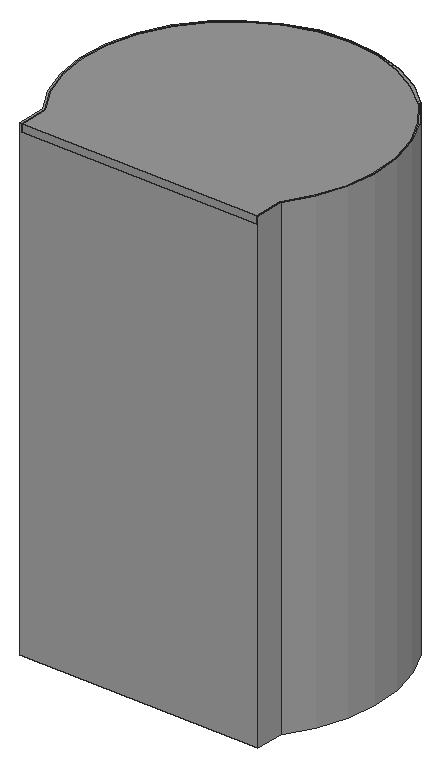
Revit family "3002 Björk Handdryer", category Furniture Systems, host Wall, Revit 2018
Family settings
  Host = Wall
  Round Connector Dimension = Use Diameter
  Part Type = Normal
  Always vertical = Yes
  Cut with Voids When Loaded = No
  Shared = No
  Room Calculation Point = No
Parameters (values of type "OSLO")
  URL = "http://www.dandryer.com/en-gb/products/-handdryers/3002-bjork-hand-dryer--optional-ral-colour"
  Type Image = <None>
  Surface Top = OSLO
  Surface Front = RAL FARVE
  Model = "Björk-3002"
  Manufacturer = "Dan Dryer"
  Description = "Touch-free hand dryer"
  Cost = 0
Types (6, lengths in mm): name | URL | Surface Top
  BIRK | "http://www.dandryer.dk/da-dk/produkter/produktserie-%E2%80%93-bjork/3002-bjork-haandtoerrer--valgfri-ral-farve" | BIRK
  GEO WHITE | "http://www.dandryer.dk/da-dk/produkter/produktserie-%E2%80%93-bjork/3002-bjork-haandtoerrer--valgfri-ral-farve" | GEO WHITE
  GRIGIO LONDRA | "http://www.dandryer.dk/da-dk/produkter/produktserie-%E2%80%93-bjork/3002-bjork-haandtoerrer--valgfri-ral-farve" | GRIGIO LONDRA
  NEGRO INGO | "http://www.dandryer.dk/da-dk/produkter/produktserie-%E2%80%93-bjork/3002-bjork-haandtoerrer--valgfri-ral-farve" | NEGRO INGO
  OSLO | "http://www.dandryer.com/en-gb/products/-handdryers/3002-bjork-hand-dryer--optional-ral-colour" | OSLO
  BIANCO MALE | "http://www.dandryer.dk/da-dk/produkter/produktserie-%E2%80%93-bjork/3002-bjork-haandtoerrer--valgfri-ral-farve" | BIANCO MALE
Reference planes
  plane 1 "Wall": y = 0
  plane 2 "Center (Left/Right)": x = 125
  plane 3 "Back": y = 75
Forms (mm)
  Extrusion 1, solid, material "Blank Hvid", not visible
    sketch origin (0, 0, 0) x (1, 0, 0) y (0, 1, 0)
      loop
        arc (42.212, 95.366) -> (42.426, 94.946) -> (42.5, 94.481) r 1.5
        line (42.5, 94.481) -> (42.5, 75.3) -> (43.7, 75.3) -> (43.7, 94.481)
        arc (43.7, 94.481) -> (43.567, 95.318) -> (43.181, 96.073) r 2.7
        arc (43.181, 96.073) -> (125, 257.1) -> (206.819, 96.073) r 101.3
        arc (206.819, 96.073) -> (206.433, 95.318) -> (206.3, 94.481) r 2.7
        line (206.3, 94.481) -> (206.3, 75.3) -> (207.5, 75.3) -> (207.5, 94.481)
        arc (207.5, 94.481) -> (207.574, 94.946) -> (207.788, 95.366) r 1.5
        arc (207.788, 95.366) -> (125, 258.3) -> (42.212, 95.366) r 102.5
    from 900 to 1230
  Extrusion 2, void, not visible
    sketch origin (207.5, 94.481, 0) x (0, 1, 0) y (0, 0, -1)
      loop
        line (-19.181, -1225) -> (-19.181, -1230) -> (6.154, -1230)
        arc (6.154, -1230) -> (3.068, -1228.36) -> (2.105, -1225) r 4.47
        line (2.105, -1225) -> (-19.181, -1225)
    from -10.952 to 170.161
  Extrusion 3, void, not visible
    sketch origin (207.5, 94.481, 2130) x (0, 1, 0) y (0, 0, -1)
      loop
        line (-19.181, 1225) -> (2.105, 1225)
        arc (2.105, 1225) -> (3.068, 1228.36) -> (6.154, 1230) r 4.47
        line (6.154, 1230) -> (-19.181, 1230) -> (-19.181, 1225)
    from -6 to 179.451
  Extrusion 4, solid, not visible
    sketch origin (207.5, 75.3, 907) x (0, 1, 0) y (-1, 0, 0)
      loop
        line (0, 163.8) -> (0, 1.2) -> (19.181, 1.2)
        arc (19.181, 1.2) -> (20.018, 1.067) -> (20.773, 0.681) r 2.7
        arc (20.773, 0.681) -> (181.8, 82.5) -> (20.773, 164.319) r 101.3
        arc (20.773, 164.319) -> (20.018, 163.933) -> (19.181, 163.8) r 2.7
        line (19.181, 163.8) -> (0, 163.8)
    from 0 to -2
  Extrusion 5, void, not visible
    sketch origin (206.3, 75.3, 0) x (-1, 0, 0) y (0, 0, 1)
      loop
        arc (83.312, 976) -> (81.303, 978.014) -> (79.288, 976) r 2.012
        line (79.288, 976) -> (79.285, 930)
        arc (79.285, 930) -> (81.297, 927.986) -> (83.312, 930) r 2.012
        line (83.312, 930) -> (83.312, 976)
    from 174.915 to 189.234
  Extrusion 6, solid, not visible
    sketch origin (206.3, 75.3, 0) x (1, 0, 0) y (0, 0, 1)
      loop
        line (-83.312, 975.984) -> (-83.312, 930)
        arc (-83.312, 930) -> (-81.291, 928.118) -> (-79.287, 930.016) r 2.015
        line (-79.287, 930.016) -> (-79.288, 976)
        arc (-79.288, 976) -> (-81.309, 977.882) -> (-83.312, 975.984) r 2.015
    from -182.98 to -174.915
  Extrusion 7, solid, material "RAL FARVE", not visible
    sketch origin (0, 0, 0) x (1, 0, 0) y (0, 1, 0)
      loop
        arc (42.212, 95.366) -> (42.426, 94.946) -> (42.5, 94.481) r 1.5
        line (42.5, 94.481) -> (42.5, 75.3) -> (43.7, 75.3) -> (43.7, 94.481)
        arc (43.7, 94.481) -> (43.567, 95.318) -> (43.181, 96.073) r 2.7
        arc (43.181, 96.073) -> (125, 257.1) -> (206.819, 96.073) r 101.3
        arc (206.819, 96.073) -> (206.433, 95.318) -> (206.3, 94.481) r 2.7
        line (206.3, 94.481) -> (206.3, 75.3) -> (207.5, 75.3) -> (207.5, 94.481)
        arc (207.5, 94.481) -> (207.574, 94.946) -> (207.788, 95.366) r 1.5
        arc (207.788, 95.366) -> (125, 258.3) -> (42.212, 95.366) r 102.5
    from 900 to 1230
Text (mm)
  text "Placement Side" at (-1848.837, 1116.779, 0), in view "Ref. Level"
  text "Placement side" at (0, 1409.804, 2854.306), in view "Left"
  text "Placement side" at (0, 499.811, 2980.732), in view "Right"
Dimensions and locks
  locked: plane 3 "Back" to host wall
  aligned and locked: plane 1 "Wall" to host wall
  aligned and locked: plane 3 "Back" to nested 1  (x2)
Nested families
  nested 1: "Master Handdryer" at (125, 75, 1100), type "Master Handdryer"
Definition of nested family "Master Handdryer"
  Parameters (values of type "Master Handdryer")
    Surface Top = none
    Surface Front = none
  Reference planes
    plane 1 "Center (Front/Back)": y = 0
    plane 2: z = 0
    plane 3 "Center (Left/Right)": x = 0
  Forms (mm)
    Extrusion 1, solid, material <- "Surface Front"
      sketch origin (0, 0, 0) x (1, 0, 0) y (0, 1, 0)
        loop
          arc (82.5, 19.672) -> (0, 183) -> (-82.5, 19.672) r 102.5
          line (-82.5, 19.672) -> (-82.5, 0) -> (82.5, 0) -> (82.5, 19.672)
      from 0 to 330
    Extrusion 2, solid, material <- "Surface Top"
      sketch origin (0, 0, 330) x (1, 0, 0) y (0, 1, 0)
        loop
          arc (81.3, 20.068) -> (0, 181.8) -> (-81.3, 20.068) r 101.3
          line (-81.3, 20.068) -> (-81.3, 0) -> (81.3, 0) -> (81.3, 20.068)
      from 0 to -5
    Extrusion 3, void
      sketch origin (0, 0, 0) x (1, 0, 0) y (0, 1, 0)
        loop
          line (-81.3, 0) -> (81.3, 0) -> (81.3, 20.068)
          arc (81.3, 20.068) -> (0, 181.8) -> (-81.3, 20.068) r 101.3
          line (-81.3, 20.068) -> (-81.3, 0)
      from 325 to 330
  Cuts and joins
    Extrusion 3 cuts Extrusion 1
  Dimensions and locks
    aligned and locked: level to plane 2
